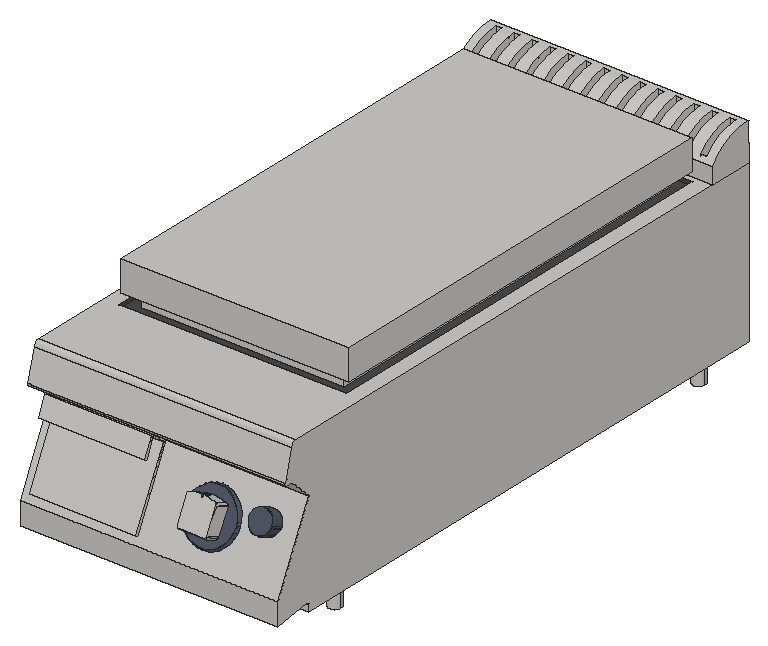
Revit family "QF_ZANUSSI_392022_Z9HOGD1000", category Specialty Equipment, Revit 2018
Family settings
  Round Connector Dimension = Use Diameter
  Part Type = Normal
  Work Plane-Based = No
  Always vertical = Yes
  Cut with Voids When Loaded = No
  Shared = No
  Room Calculation Point = No
Parameters
  Width = 400 mm  # constant formula
  Weight in Pounds = 53  # constant formula
  Weight = 0.00 kg
  Watts = 0 W
  Volts = 0 V
  URL Manufacturer = "http://www.zanussiprofessional.com"
  URL Cutsheet = "www.electrolux.com/foodservice"
  URL = "http://www.zanussiprofessional.com"
  Type Mark [instance] = ""
  Steam Supply Size = 0"
  Steam Supply Minimum Pressure = 0.00 psi
  Steam Supply Maximum Pressure = 0.00 psi
  Steam Pounds per Hour = 0
  Status [instance] = ""
  Specification by User [instance] = ""
  Specification by Manufacturer = ""
  Show Logo [instance] = yes
  Show Clearance [instance] = yes
  Serial Number = ""
  Seismic Rating = ""
  SMACNA No = ""
  Revision Code [instance] = ""
  Refrigeration Suction Line Size = 0"
  Refrigeration Liquid Line Size = 0"
  Refrigerant Compressor Remote = yes
  Phase = 0
  Omniclass Number and Title = ""
  NAFEM Spec ID Number = ""
  Model = "Z9HOGD1000"
  Mechanical Remarks = ""
  Mechanical Connection Type = ""
  Masterspec = ""
  Manufacturer = "Zanussi"
  Length Actual = 400 mm  # constant formula
  Item Number [instance] = "392022"
  Installed By [instance] = ""
  Identify Quantity as Lot [instance] = yes
  Hot Water Size = 0"
  Height Actual = 250 mm  # constant formula
  Height = 355 mm  # constant formula
  HP = "0 HP"
  Gas Size = 1/2"  # constant formula
  Gas RI Height [instance] = 0 mm
  Gas KW = 8  # constant formula
  Gas Input [instance] = 0.336018 Btu/h
  Gas Connection Height = 0 mm
  Furnished By [instance] = ""
  Foodservice Equipment Identifier [instance] = yes
  Direct Waste Size = 0"
  Description = "GAS HOB COOKING TOP 400 MM"
  Depth Actual = 900 mm  # constant formula
  Depth = 915 mm  # constant formula
  Cycle = 0 Hz
  Condensate Return Size = 0"
  Compressed Air Volume = 0 GPM
  Compressed Air Size = 0"
  Compressed Air Pressure = 0.00 psi
  Cold Water Size = 0"
  CSI MasterFormat = ""
  CSI Master Format = ""
  Base Height [instance] = 24 mm  # constant formula
  Assembly Code = ""
  Accessory = yes
Reference planes
  plane 1 "BACK": y = 0
  plane 2: z = 0
  plane 3 "LEFT": x = 0
  plane 4 "RIGHT": x = 400.05
  plane 5 "FRONT": y = -915
  plane 6 "TOP": z = 288.925
  plane 7 "Center Y": x = 200.025
  plane 8 "Center X": y = -457.5
  plane 9 "BASE": z = 24
  plane 10 "TOP A": z = 274
  plane 11: y = -790
  plane 12: y = -82
  plane 13: z = 332
  plane 14: y = -1045
  plane 15: y = -748
  plane 16: y = -663
  plane 17: through (-6096, -915, 64.508) normal (0, 0.8956, -0.4448)
  plane 18: through (-6096, -1250.251, 65.146) normal (0, 0.8956, -0.4448)
Forms (mm)
  Extrusion 1, solid, material "QF_Finishes_Stainless Steel"
    sketch origin (0, -199.765, -13.168) x (0, 1, 0) y (0, 0, 1)
      loop
        line (199.765, 37.168) -> (199.765, 287.168) -> (-679.593, 287.168)
        arc (-679.593, 287.168) -> (-684.878, 284.979) -> (-687.067, 279.694) r 7.474
        line (-687.067, 279.694) -> (-700.119, 234.179)
        arc (-700.119, 234.179) -> (-699.631, 231.547) -> (-697.235, 230.352) r 3
        line (-697.235, 230.352) -> (-687.036, 230.352) -> (-655.217, 198.532) -> (-715.235, 77.676) -> (-715.235, 42.676) -> (-658.88, 50.596)
        arc (-658.88, 50.596) -> (-656.335, 49.842) -> (-655.235, 47.427) r 3.2
        line (-655.235, 47.427) -> (-655.235, 37.168) -> (199.765, 37.168)
    from 0 to 400.05
  Extrusion 2, solid, material "QF_Finishes_Stainless Steel"
    sketch origin (0, -199.765, 0) x (1, 0, 0) y (0, 1, 0)
      loop
        circle (11.112, 117.765) r 9.525
      loop
        circle (11.112, -590.235) r 9.525
      loop
        circle (388.937, 117.765) r 9.525
      loop
        circle (388.937, -590.235) r 9.525
    from 0 to 24
  Extrusion 3, solid, material "QF_Clearances", visible <- "Show Clearance", detail levels coarse
    sketch origin (0, -199.765, 4) x (1, 0, 0) y (0, 1, 0)
      loop
        line (0, -715.235) -> (0, 199.765) -> (400.05, 199.765) -> (400.05, -715.235) -> (550.069, -715.235) -> (550.069, 399.784) -> (-150.019, 399.784) -> (-150.019, -715.235) -> (0, -715.235)
    from 0 to 332
  Extrusion 4, solid, material "QF_Finishes_Stainless Steel"
    sketch origin (0, 0, 0) x (0, 1, 0) y (0, 0, 1)
      loop
        line (0, 274) -> (0, 332)
        arc (0, 332) -> (-38.824, 323.684) -> (-69.85, 298.908) r 86.548
        line (-69.85, 298.908) -> (-69.85, 274) -> (0, 274)
    from 0 to 400.05
  Extrusion 5, void
    sketch origin (0, 0, 274.638) x (-1, 0, 0) y (0, -1, 0)
      loop
        line (-13.453, 6.761) -> (-13.453, 63.911) -> (-22.749, 63.911) -> (-22.749, 6.761) -> (-13.453, 6.761)
    from 25.4 to 63.5
  Extrusion 6, void
    sketch origin (400.05, 0, 274.638) x (1, 0, 0) y (0, 1, 0)
      loop
        line (-13.453, -6.761) -> (-22.749, -6.761) -> (-22.749, -63.911) -> (-13.453, -63.911) -> (-13.453, -6.761)
    from 25.4 to 63.5
  Extrusion 7, void
    sketch origin (27.988, 0, 274.638) x (-1, 0, 0) y (0, -1, 0)
      loop
        line (-13.453, 6.761) -> (-13.453, 63.911) -> (-22.749, 63.911) -> (-22.749, 6.761) -> (-13.453, 6.761)
    from 25.4 to 63.5
  Extrusion 8, void
    sketch origin (55.977, 0, 274.638) x (-1, 0, 0) y (0, -1, 0)
      loop
        line (-13.453, 6.761) -> (-13.453, 63.911) -> (-22.749, 63.911) -> (-22.749, 6.761) -> (-13.453, 6.761)
    from 25.4 to 63.5
  Extrusion 9, void
    sketch origin (83.965, 0, 274.638) x (-1, 0, 0) y (0, -1, 0)
      loop
        line (-13.453, 6.761) -> (-13.453, 63.911) -> (-22.749, 63.911) -> (-22.749, 6.761) -> (-13.453, 6.761)
    from 25.4 to 63.5
  Extrusion 10, void
    sketch origin (111.953, 0, 274.638) x (-1, 0, 0) y (0, -1, 0)
      loop
        line (-13.453, 6.761) -> (-13.453, 63.911) -> (-22.749, 63.911) -> (-22.749, 6.761) -> (-13.453, 6.761)
    from 25.4 to 63.5
  Extrusion 11, void
    sketch origin (139.942, 0, 274.638) x (-1, 0, 0) y (0, -1, 0)
      loop
        line (-13.453, 6.761) -> (-13.453, 63.911) -> (-22.749, 63.911) -> (-22.749, 6.761) -> (-13.453, 6.761)
    from 25.4 to 63.5
  Extrusion 12, void
    sketch origin (167.93, 0, 274.638) x (-1, 0, 0) y (0, -1, 0)
      loop
        line (-13.453, 6.761) -> (-13.453, 63.911) -> (-22.749, 63.911) -> (-22.749, 6.761) -> (-13.453, 6.761)
    from 25.4 to 63.5
  Extrusion 13, void
    sketch origin (195.918, 0, 274.638) x (-1, 0, 0) y (0, -1, 0)
      loop
        line (-13.453, 6.761) -> (-13.453, 63.911) -> (-22.749, 63.911) -> (-22.749, 6.761) -> (-13.453, 6.761)
    from 25.4 to 63.5
  Extrusion 14, void
    sketch origin (223.907, 0, 274.638) x (-1, 0, 0) y (0, -1, 0)
      loop
        line (-13.453, 6.761) -> (-13.453, 63.911) -> (-22.749, 63.911) -> (-22.749, 6.761) -> (-13.453, 6.761)
    from 25.4 to 63.5
  Extrusion 15, void
    sketch origin (251.895, 0, 274.638) x (-1, 0, 0) y (0, -1, 0)
      loop
        line (-13.453, 6.761) -> (-13.453, 63.911) -> (-22.749, 63.911) -> (-22.749, 6.761) -> (-13.453, 6.761)
    from 25.4 to 63.5
  Extrusion 16, void
    sketch origin (279.884, 0, 274.638) x (-1, 0, 0) y (0, -1, 0)
      loop
        line (-13.453, 6.761) -> (-13.453, 63.911) -> (-22.749, 63.911) -> (-22.749, 6.761) -> (-13.453, 6.761)
    from 25.4 to 63.5
  Extrusion 17, void
    sketch origin (307.872, 0, 274.638) x (-1, 0, 0) y (0, -1, 0)
      loop
        line (-13.453, 6.761) -> (-13.453, 63.911) -> (-22.749, 63.911) -> (-22.749, 6.761) -> (-13.453, 6.761)
    from 25.4 to 63.5
  Extrusion 18, void
    sketch origin (335.86, 0, 274.638) x (-1, 0, 0) y (0, -1, 0)
      loop
        line (-13.453, 6.761) -> (-13.453, 63.911) -> (-22.749, 63.911) -> (-22.749, 6.761) -> (-13.453, 6.761)
    from 25.4 to 63.5
  Extrusion 19, void
    sketch origin (0, 0, 274.825) x (-1, 0, 0) y (0, -1, 0)
      loop
        line (-23, 79.247) -> (-23, 752.366) -> (-377.019, 752.366) -> (-377.019, 79.247) -> (-23, 79.247)
    from 0 to -6.35
  Extrusion 20, solid, material "QF_Finishes_Stainless Steel"
    sketch origin (0, 0, 268.475) x (-1, 0, 0) y (0, -1, 0)
      loop
        line (-23, 82) -> (-23, 748) -> (-377.019, 748) -> (-377.019, 82) -> (-23, 82)
    from 20.45 to 67.525
  Extrusion 21, solid, material "QF_Finishes_Stainless Steel"
    sketch origin (0, 0, 24) x (-1, 0, 0) y (0, 1, 0)
      loop
        circle (-367.05, -748) r 12.7
    from 0 to 5
  Extrusion 22, solid, material "QF_Finishes_Stainless Steel"
    sketch origin (0, 0, 268.475) x (-1, 0, 0) y (0, -1, 0)
      loop
        line (-357.019, 732.366) -> (-357.019, 99.247) -> (-43, 99.247) -> (-43, 732.366) -> (-357.019, 732.366)
    from 0 to 20.45
  Extrusion 23, solid, material "QF_Finishes_Stainless Steel"
    sketch origin (0, 0, 24) x (-1, 0, 0) y (0, 1, 0)
      loop
        circle (-348.05, -663) r 6.4
    from 0 to 19
  Extrusion 24, solid, material "QF_Finishes_Stainless Steel"
    sketch origin (0, -214.311, -0.638) x (0, 1, 0) y (0, 0, 1)
      loop
        line (-640.85, 185.828) -> (-659.988, 204.966)
        arc (-659.988, 204.966) -> (-664.455, 206.368) -> (-668.159, 203.504) r 5.058
        line (-668.159, 203.504) -> (-680.821, 175.994) -> (-677.937, 174.666) -> (-665.275, 202.176)
        arc (-665.275, 202.176) -> (-663.896, 203.243) -> (-662.233, 202.721) r 1.883
        line (-662.233, 202.721) -> (-644.727, 185.215) -> (-698.248, 77.444) -> (-695.339, 76.105) -> (-640.85, 185.828)
    from 12.7 to 177.8
  Extrusion 25, solid, material "QF_Finishes_Drawer Clearance", visible <- "Show Clearance", detail levels coarse
    sketch origin (0, -315.911, -0.638) x (0, 1, 0) y (0, 0, 1)
      loop
        line (-726.181, 76.105) -> (-593.739, 76.105) -> (-539.25, 185.828) -> (-558.388, 204.966)
        arc (-558.388, 204.966) -> (-560.449, 206.215) -> (-562.855, 206.368) r 5.058
        line (-562.855, 206.368) -> (-695.296, 206.368)
        arc (-695.296, 206.368) -> (-697.5, 205.39) -> (-699, 203.504) r 5.058
        line (-699, 203.504) -> (-711.662, 175.994) -> (-708.778, 174.666) -> (-696.116, 202.176)
        arc (-696.116, 202.176) -> (-694.737, 203.243) -> (-693.074, 202.721) r 1.883
        line (-693.074, 202.721) -> (-675.569, 185.215) -> (-729.089, 77.444) -> (-726.181, 76.105)
    from 12.7 to 177.8
  Extrusion 26, solid, material "QF_Plastic-Black-Matte"
    sketch origin (217.55, -884.991, 124.936) x (0, 0.444781, 0.895639) y (0, 0.895639, -0.444781)
      loop
        line (26.984, -34) -> (23.984, -34) -> (23.984, -35) -> (26.984, -35)
        arc (26.984, -35) -> (27.691, -34.707) -> (27.984, -34) r 1
        line (27.984, -34) -> (27.984, -19) -> (26.984, -19) -> (26.984, -34)
    from -58.5 to -56.5
  Extrusion 27, solid, material "QF_Finishes_Stainless Steel"
    sketch origin (275.05, -884.991, 124.936) x (-1, 0, 0) y (0, -0.444781, -0.895639)
      loop
        line (17.55, -17.5) -> (17.55, 17.5) -> (-17.45, 17.5) -> (-17.45, -17.5) -> (17.55, -17.5)
    from 5 to 10
  Blend 28, solid, material "QF_Finishes_Navy Blue"
    base sketch origin (275.05, -884.991, 124.936) x (1, 0, 0) y (0, 0.444781, 0.895639)
      loop
        circle (-0.05, 0) r 42.5
    top sketch origin (275.05, -884.991, 124.936) x (1, 0, 0) y (0, 0.444781, 0.895639)
      loop
        circle (-0.05, 0) r 40.5
    from 0 to 5
  Extrusion 29, solid, material "QF_Finishes_Stainless Steel"
    sketch origin (275.05, -884.991, 124.936) x (-1, 0, 0) y (0, -0.444781, -0.895639)
      loop
        arc (-21.097, -22.789) -> (0.05, -26.984) -> (21.197, -22.789) r 55.4
        arc (21.197, -22.789) -> (22.544, -21.685) -> (23.05, -20.019) r 2.997
        line (23.05, -20.019) -> (23.05, 20.019)
        arc (23.05, 20.019) -> (22.172, 22.138) -> (20.053, 23.016) r 2.997
        line (20.053, 23.016) -> (-19.953, 23.016)
        arc (-19.953, 23.016) -> (-22.072, 22.138) -> (-22.95, 20.019) r 2.997
        line (-22.95, 20.019) -> (-22.95, -20.019)
        arc (-22.95, -20.019) -> (-22.444, -21.685) -> (-21.097, -22.789) r 2.997
    from 10 to 34
  Extrusion 30, solid, material "QF_Finishes_Navy Blue"
    sketch origin (414.051, -876.095, 142.849) x (1, 0, 0) y (0, 0.444781, 0.895639)
      loop
        circle (-55.051, 0) r 18
    from 3 to 23
  Extrusion 31, solid, material "QF_Finishes_Stainless Steel"
    sketch origin (275.05, -876.095, 142.849) x (1, 0, 0) y (0, 0.444781, 0.895639)
      loop
        circle (83.95, 0) r 15
    from 3 to 0
  Extrusion 32, solid, material "QF_Plastic-Black-Matte"
    sketch origin (217.55, -884.991, 125.574) x (0, 0.444781, 0.895639) y (0, 0.895639, -0.444781)
      loop
        line (26.984, -34) -> (23.984, -34) -> (23.984, -35) -> (26.984, -35)
        arc (26.984, -35) -> (27.691, -34.707) -> (27.984, -34) r 1
        line (27.984, -34) -> (27.984, -19) -> (26.984, -19) -> (26.984, -34)
    from -58.5 to -56.5
  Extrusion 33, solid, material "QF_Finishes_Stainless Steel"
    sketch origin (275.05, -884.991, 125.574) x (-1, 0, 0) y (0, -0.444781, -0.895639)
      loop
        line (17.55, -17.5) -> (17.55, 17.5) -> (-17.45, 17.5) -> (-17.45, -17.5) -> (17.55, -17.5)
    from 5 to 10
  Blend 34, solid, material "QF_Finishes_Navy Blue"
    base sketch origin (275.05, -884.991, 125.574) x (1, 0, 0) y (0, 0.444781, 0.895639)
      loop
        circle (-0.05, 0) r 42.5
    top sketch origin (275.05, -884.991, 125.574) x (1, 0, 0) y (0, 0.444781, 0.895639)
      loop
        circle (-0.05, 0) r 40.5
    from 0 to 5
  Extrusion 35, solid, material "QF_Finishes_Stainless Steel"
    sketch origin (275.05, -884.991, 125.574) x (-1, 0, 0) y (0, -0.444781, -0.895639)
      loop
        arc (-21.097, -22.789) -> (0.05, -26.984) -> (21.197, -22.789) r 55.4
        arc (21.197, -22.789) -> (22.544, -21.685) -> (23.05, -20.019) r 2.997
        line (23.05, -20.019) -> (23.05, 20.019)
        arc (23.05, 20.019) -> (22.172, 22.138) -> (20.053, 23.016) r 2.997
        line (20.053, 23.016) -> (-19.953, 23.016)
        arc (-19.953, 23.016) -> (-22.072, 22.138) -> (-22.95, 20.019) r 2.997
        line (-22.95, 20.019) -> (-22.95, -20.019)
        arc (-22.95, -20.019) -> (-22.444, -21.685) -> (-21.097, -22.789) r 2.997
    from 10 to 34
  Extrusion 36, solid, material "QF_Finishes_Navy Blue"
    sketch origin (414.051, -876.095, 143.486) x (1, 0, 0) y (0, 0.444781, 0.895639)
      loop
        circle (-55.051, 0) r 18
    from 3 to 23
  Extrusion 37, solid, material "QF_Finishes_Stainless Steel"
    sketch origin (275.05, -876.095, 143.486) x (1, 0, 0) y (0, 0.444781, 0.895639)
      loop
        circle (83.95, 0) r 15
    from 3 to 0
Cuts and joins
  Extrusion 5, Extrusion 6, Extrusion 7, Extrusion 8, Extrusion 9, Extrusion 10, Extrusion 11, Extrusion 12, Extrusion 13, Extrusion 14, Extrusion 15, Extrusion 16, Extrusion 17, Extrusion 18 cuts Extrusion 4
  Extrusion 19 cuts Extrusion 1
Lines and regions (mm)
  Split face 1
    outline origin (280.951, -889.469, 127.16) x (1, 0, 0) y (0, 0.444781, 0.895639)
      loop
        line (-8.901, 38.561) -> (-8.901, 28.561) -> (-2.901, 28.561) -> (-2.901, 38.561) -> (-8.901, 38.561)
  Split face 2
    outline origin (280.951, -889.469, 127.16) x (1, 0, 0) y (0, 0.444781, 0.895639)
      loop
        line (-8.401, 38.061) -> (-8.401, 29.061) -> (-3.401, 29.061) -> (-3.401, 38.061) -> (-8.401, 38.061)
  Split face 3
    outline origin (280.951, -889.469, 127.16) x (1, 0, 0) y (0, 0.444781, 0.895639)
      loop
        line (-8.401, 33.561) -> (-3.401, 33.561)
  Split face 4
    outline origin (280.951, -889.469, 127.16) x (1, 0, 0) y (0, 0.444781, 0.895639)
      loop
        line (-8.401, 33.061) -> (-3.401, 33.061)
  Split face 5
    outline origin (280.951, -889.469, 127.16) x (1, 0, 0) y (0, 0.444781, 0.895639)
      loop
        circle (-5.901, 35.811) r 2.031
  Split face 6
    outline origin (275.05, -889.469, 127.16) x (1, 0, 0) y (0, 0.444781, 0.895639)
      loop
        circle (-24.487, 26.694) r 3.497
  Split face 7
    outline origin (275.05, -889.469, 127.16) x (1, 0, 0) y (0, 0.444781, 0.895639)
      loop
        circle (-33, 0) r 3
  Split face 8
    outline origin (275.05, -889.469, 127.16) x (1, 0, 0) y (0, 0.444781, 0.895639)
      loop
        circle (-17.8, -29.371) r 1.5
  Split face 9
    outline origin (280.951, -889.469, 127.797) x (1, 0, 0) y (0, 0.444781, 0.895639)
      loop
        line (-8.901, 38.561) -> (-8.901, 28.561) -> (-2.901, 28.561) -> (-2.901, 38.561) -> (-8.901, 38.561)
  Split face 10
    outline origin (280.951, -889.469, 127.797) x (1, 0, 0) y (0, 0.444781, 0.895639)
      loop
        line (-8.401, 38.061) -> (-8.401, 29.061) -> (-3.401, 29.061) -> (-3.401, 38.061) -> (-8.401, 38.061)
  Split face 11
    outline origin (280.951, -889.469, 127.797) x (1, 0, 0) y (0, 0.444781, 0.895639)
      loop
        line (-8.401, 33.561) -> (-3.401, 33.561)
  Split face 12
    outline origin (280.951, -889.469, 127.797) x (1, 0, 0) y (0, 0.444781, 0.895639)
      loop
        line (-8.401, 33.061) -> (-3.401, 33.061)
  Split face 13
    outline origin (280.951, -889.469, 127.797) x (1, 0, 0) y (0, 0.444781, 0.895639)
      loop
        circle (-5.901, 35.811) r 2.031
  Split face 14
    outline origin (275.05, -889.469, 127.797) x (1, 0, 0) y (0, 0.444781, 0.895639)
      loop
        circle (-24.487, 26.694) r 3.497
  Split face 15
    outline origin (275.05, -889.469, 127.797) x (1, 0, 0) y (0, 0.444781, 0.895639)
      loop
        circle (-33, 0) r 3
  Split face 16
    outline origin (275.05, -889.469, 127.797) x (1, 0, 0) y (0, 0.444781, 0.895639)
      loop
        circle (-17.8, -29.371) r 1.5
  symbolic lines, style "QF_Clearances", visible <- "Show Clearance", detail levels coarse
    curve 1: line (-150.019, 200.019, 274) -> (-150.019, -930, 274)
    curve 2: line (550.069, 200.019, 274) -> (-150.019, 200.019, 274)
    curve 3: line (550.069, -930, 274) -> (550.069, 200.019, 274)
  symbolic lines
    curve 4: line (0, 0, 274) -> (400.05, 0, 274)
    curve 5: line (0, -915, 274) -> (0, 0, 274)
    curve 6: line (400.05, 0, 274) -> (400.05, -915, 274)
    curve 7: line (13.453, -6.761, 274) -> (22.749, -6.761, 274)
    curve 8: line (13.453, -63.911, 274) -> (13.453, -6.761, 274)
    curve 9: line (22.749, -63.911, 274) -> (13.453, -63.911, 274)
    curve 10: line (22.749, -6.761, 274) -> (22.749, -63.911, 274)
    curve 11: line (41.441, -6.761, 274) -> (50.737, -6.761, 274)
    curve 12: line (41.441, -63.911, 274) -> (41.441, -6.761, 274)
    curve 13: line (50.737, -63.911, 274) -> (41.441, -63.911, 274)
    curve 14: line (50.737, -6.761, 274) -> (50.737, -63.911, 274)
    curve 15: line (69.43, -6.761, 274) -> (78.725, -6.761, 274)
    curve 16: line (69.43, -63.911, 274) -> (69.43, -6.761, 274)
    curve 17: line (78.725, -63.911, 274) -> (69.43, -63.911, 274)
    curve 18: line (78.725, -6.761, 274) -> (78.725, -63.911, 274)
    curve 19: line (97.418, -6.761, 274) -> (106.714, -6.761, 274)
    curve 20: line (97.418, -63.911, 274) -> (97.418, -6.761, 274)
    curve 21: line (106.714, -63.911, 274) -> (97.418, -63.911, 274)
    curve 22: line (106.714, -6.761, 274) -> (106.714, -63.911, 274)
    curve 23: line (125.406, -6.761, 274) -> (134.702, -6.761, 274)
    curve 24: line (125.406, -63.911, 274) -> (125.406, -6.761, 274)
    curve 25: line (134.702, -63.911, 274) -> (125.406, -63.911, 274)
    curve 26: line (134.702, -6.761, 274) -> (134.702, -63.911, 274)
    curve 27: line (153.395, -6.761, 274) -> (162.69, -6.761, 274)
    curve 28: line (153.395, -63.911, 274) -> (153.395, -6.761, 274)
    curve 29: line (162.69, -63.911, 274) -> (153.395, -63.911, 274)
    curve 30: line (162.69, -6.761, 274) -> (162.69, -63.911, 274)
    curve 31: line (181.383, -6.761, 274) -> (190.679, -6.761, 274)
    curve 32: line (181.383, -63.911, 274) -> (181.383, -6.761, 274)
    curve 33: line (190.679, -63.911, 274) -> (181.383, -63.911, 274)
    curve 34: line (190.679, -6.761, 274) -> (190.679, -63.911, 274)
    curve 35: line (209.371, -6.761, 274) -> (218.667, -6.761, 274)
    curve 36: line (209.371, -63.911, 274) -> (209.371, -6.761, 274)
    curve 37: line (218.667, -63.911, 274) -> (209.371, -63.911, 274)
    curve 38: line (218.667, -6.761, 274) -> (218.667, -63.911, 274)
    curve 39: line (237.36, -6.761, 274) -> (246.655, -6.761, 274)
    curve 40: line (237.36, -63.911, 274) -> (237.36, -6.761, 274)
    curve 41: line (246.655, -63.911, 274) -> (237.36, -63.911, 274)
    curve 42: line (246.655, -6.761, 274) -> (246.655, -63.911, 274)
    curve 43: line (265.348, -6.761, 274) -> (274.644, -6.761, 274)
    curve 44: line (265.348, -63.911, 274) -> (265.348, -6.761, 274)
    curve 45: line (274.644, -63.911, 274) -> (265.348, -63.911, 274)
    curve 46: line (274.644, -6.761, 274) -> (274.644, -63.911, 274)
    curve 47: line (293.336, -6.761, 274) -> (302.632, -6.761, 274)
    curve 48: line (293.336, -63.911, 274) -> (293.336, -6.761, 274)
    curve 49: line (302.632, -63.911, 274) -> (293.336, -63.911, 274)
    curve 50: line (302.632, -6.761, 274) -> (302.632, -63.911, 274)
    curve 51: line (321.325, -6.761, 274) -> (330.62, -6.761, 274)
    curve 52: line (321.325, -63.911, 274) -> (321.325, -6.761, 274)
    curve 53: line (330.62, -63.911, 274) -> (321.325, -63.911, 274)
    curve 54: line (330.62, -6.761, 274) -> (330.62, -63.911, 274)
    curve 55: line (349.313, -6.761, 274) -> (358.609, -6.761, 274)
    curve 56: line (349.313, -63.911, 274) -> (349.313, -6.761, 274)
    curve 57: line (358.609, -63.911, 274) -> (349.313, -63.911, 274)
    curve 58: line (358.609, -6.761, 274) -> (358.609, -63.911, 274)
    curve 59: line (377.301, -6.761, 274) -> (386.597, -6.761, 274)
    curve 60: line (377.301, -63.911, 274) -> (377.301, -6.761, 274)
    curve 61: line (386.597, -63.911, 274) -> (377.301, -63.911, 274)
    curve 62: line (386.597, -6.761, 274) -> (386.597, -63.911, 274)
    curve 66: line (377.019, -79.247, 0) -> (23, -79.247, 0)
    curve 67: line (377.019, -82, 0) -> (23, -82, 0)
    curve 68: line (23, -752.366, 0) -> (377.019, -752.366, 0)
    curve 69: line (23, -748, 0) -> (377.019, -748, 0)
    curve 70: line (377.019, -752.366, 0) -> (377.019, -79.247, 0)
    curve 71: line (23, -79.247, 0) -> (23, -752.366, 0)
    curve 72: line (0, -69.85, 0) -> (400.05, -69.85, 0)
    curve 73: line (400.05, -900, 274) -> (0, -900, 274)
    curve 74: line (0, -915, 0) -> (252.025, -915, 0)
    curve 75: line (298.025, -915, 0) -> (400, -915, 0)
  symbolic lines, style "QF_Door-Drawer Clearances"
    curve 63: line (12.7, -1045, 0) -> (12.7, -915, 0)
    curve 64: line (12.7, -1045, 0) -> (177.8, -1045, 0)
    curve 65: line (177.8, -1045, 0) -> (177.8, -915, 0)
Dimensions and locks
  equal spacing: plane 3 "LEFT", plane 7 "Center Y", plane 4 "RIGHT"
  plane 3 "LEFT" to plane 4 "RIGHT" = 400.05 mm
  equal spacing: plane 5 "FRONT", plane 8 "Center X", plane 1 "BACK"
  plane 5 "FRONT" to plane 1 "BACK" = 915 mm  (x2)
  plane 1 "BACK" to plane 5 "FRONT" = 915 mm
  "Base Height": plane 9 "BASE" to level
  plane 10 "TOP A" to plane 9 "BASE" = 250 mm  (x3)
  plane 9 "BASE" to level = 24 mm
  plane 2 to plane 13 = 332 mm
  plane 9 "BASE" to plane 2 = 24 mm
  plane 5 "FRONT" to plane 11 to plane 12 to plane 1 "BACK" = 125 mm, 708 mm, 82 mm
  plane 14 to plane 1 "BACK" = 1045 mm  (x2)
  plane 15 to plane 1 "BACK" = 748 mm
  Extrusion 23 sketch curve to plane 1 "BACK" = 663 mm
  Extrusion 23 sketch curve to plane 4 "RIGHT" = 52 mm
  Extrusion 21 sketch curve to plane 4 "RIGHT" = 33 mm
  plane 16 to plane 1 "BACK" = 663 mm
  Extrusion 23 to plane 9 "BASE" = 19 mm
  plane 13 to plane 10 "TOP A" = 58 mm
  aligned and locked: level to plane 2
Automatic sketch dimensions
  plane 3 "LEFT" to curve 63 = 12.7 mm
  curve 65 to plane 7 "Center Y" = 22.225 mm
  plane 5 "FRONT" to curve 65 = 130 mm
  curve 63 to curve 63 = 130 mm
  plane 11 to Extrusion 2 sketch curve = 0 mm  (x2)
  plane 12 to Extrusion 2 sketch curve = 0 mm  (x2)
  plane 3 "LEFT" to Extrusion 2 sketch curve = 11.112 mm  (x2)
  Extrusion 2 sketch curve to plane 4 "RIGHT" = 11.113 mm  (x2)
  plane 1 "BACK" to Extrusion 3 sketch curve = 0 mm
  Extrusion 3 sketch curve to plane 3 "LEFT" = 0 mm
  Extrusion 3 sketch curve to plane 4 "RIGHT" = 0 mm
  Extrusion 3 sketch curve to plane 3 "LEFT" = 150.019 mm
  Extrusion 3 sketch curve to Extrusion 3 sketch curve = 150.019 mm
  plane 11 to Extrusion 3 sketch curve = 125 mm  (x2)
  Extrusion 3 sketch curve to plane 1 "BACK" = 200.019 mm
  Extrusion 4 sketch curve to plane 10 "TOP A" = 0 mm
  plane 1 "BACK" to Extrusion 4 sketch curve = 0 mm
  plane 1 "BACK" to Extrusion 4 sketch curve = 1.769 mm
  plane 6 "TOP" to Extrusion 4 sketch curve = 9.983 mm
  plane 1 "BACK" to Extrusion 4 sketch curve = 69.85 mm
  Extrusion 4 sketch curve to plane 10 "TOP A" = 28.53 mm
  plane 1 "BACK" to Extrusion 5 sketch curve = 6.761 mm
  plane 3 "LEFT" to Extrusion 5 sketch curve = 22.749 mm
  Extrusion 5 sketch curve to Extrusion 5 sketch curve = 9.296 mm
  Extrusion 5 sketch curve to Extrusion 5 sketch curve = 57.15 mm
  Extrusion 6 sketch curve to plane 1 "BACK" = 6.761 mm
  plane 4 "RIGHT" to Extrusion 6 sketch curve = 22.749 mm
  Extrusion 6 sketch curve to Extrusion 6 sketch curve = 9.296 mm
  Extrusion 6 sketch curve to Extrusion 6 sketch curve = 57.15 mm
  plane 1 "BACK" to Extrusion 7 sketch curve = 6.761 mm
  plane 3 "LEFT" to Extrusion 7 sketch curve = 50.737 mm
  Extrusion 7 sketch curve to Extrusion 7 sketch curve = 9.296 mm
  Extrusion 7 sketch curve to Extrusion 7 sketch curve = 57.15 mm
  plane 1 "BACK" to Extrusion 8 sketch curve = 6.761 mm
  plane 3 "LEFT" to Extrusion 8 sketch curve = 78.725 mm
  Extrusion 8 sketch curve to Extrusion 8 sketch curve = 9.296 mm
  Extrusion 8 sketch curve to Extrusion 8 sketch curve = 57.15 mm
  plane 1 "BACK" to Extrusion 9 sketch curve = 6.761 mm
  Extrusion 9 sketch curve to plane 7 "Center Y" = 93.311 mm
  Extrusion 9 sketch curve to Extrusion 9 sketch curve = 9.296 mm
  Extrusion 9 sketch curve to Extrusion 9 sketch curve = 57.15 mm
  plane 1 "BACK" to Extrusion 10 sketch curve = 6.761 mm
  Extrusion 10 sketch curve to plane 7 "Center Y" = 65.323 mm
  Extrusion 10 sketch curve to Extrusion 10 sketch curve = 9.296 mm
  Extrusion 10 sketch curve to Extrusion 10 sketch curve = 57.15 mm
  plane 1 "BACK" to Extrusion 11 sketch curve = 6.761 mm
  Extrusion 11 sketch curve to plane 7 "Center Y" = 37.335 mm
  Extrusion 11 sketch curve to Extrusion 11 sketch curve = 9.296 mm
  Extrusion 11 sketch curve to Extrusion 11 sketch curve = 57.15 mm
  Extrusion 12 sketch curve to plane 7 "Center Y" = 9.346 mm
  Extrusion 12 sketch curve to Extrusion 12 sketch curve = 9.296 mm
  plane 1 "BACK" to Extrusion 12 sketch curve = 6.761 mm
  Extrusion 12 sketch curve to Extrusion 12 sketch curve = 57.15 mm
  plane 1 "BACK" to Extrusion 13 sketch curve = 6.761 mm
  plane 7 "Center Y" to Extrusion 13 sketch curve = 18.642 mm
  Extrusion 13 sketch curve to Extrusion 13 sketch curve = 9.296 mm
  Extrusion 13 sketch curve to Extrusion 13 sketch curve = 57.15 mm
  plane 1 "BACK" to Extrusion 14 sketch curve = 6.761 mm
  plane 7 "Center Y" to Extrusion 14 sketch curve = 46.63 mm
  Extrusion 14 sketch curve to Extrusion 14 sketch curve = 9.296 mm
  Extrusion 14 sketch curve to Extrusion 14 sketch curve = 57.15 mm
  plane 1 "BACK" to Extrusion 15 sketch curve = 6.761 mm
  plane 7 "Center Y" to Extrusion 15 sketch curve = 74.619 mm
  Extrusion 15 sketch curve to Extrusion 15 sketch curve = 9.296 mm
  Extrusion 15 sketch curve to Extrusion 15 sketch curve = 57.15 mm
  plane 1 "BACK" to Extrusion 16 sketch curve = 6.761 mm
  Extrusion 16 sketch curve to plane 4 "RIGHT" = 97.418 mm
  Extrusion 16 sketch curve to Extrusion 16 sketch curve = 9.296 mm
  Extrusion 16 sketch curve to Extrusion 16 sketch curve = 57.15 mm
  plane 1 "BACK" to Extrusion 17 sketch curve = 6.761 mm
  Extrusion 17 sketch curve to plane 4 "RIGHT" = 69.43 mm
  Extrusion 17 sketch curve to Extrusion 17 sketch curve = 9.296 mm
  Extrusion 17 sketch curve to Extrusion 17 sketch curve = 57.15 mm
  plane 1 "BACK" to Extrusion 18 sketch curve = 6.761 mm
  Extrusion 18 sketch curve to plane 4 "RIGHT" = 41.441 mm
  Extrusion 18 sketch curve to Extrusion 18 sketch curve = 9.296 mm
  Extrusion 18 sketch curve to Extrusion 18 sketch curve = 57.15 mm
  Extrusion 19 sketch curve to plane 12 = 2.753 mm
  Extrusion 19 sketch curve to plane 4 "RIGHT" = 23.031 mm
  plane 3 "LEFT" to Extrusion 19 sketch curve = 23 mm
  Extrusion 19 sketch curve to plane 11 = 37.634 mm
  Extrusion 20 sketch curve to Extrusion 19 = 0 mm  (x2)
  Extrusion 20 sketch curve to Extrusion 19 = 2.753 mm
  Extrusion 20 sketch curve to Extrusion 19 = 4.366 mm
  Extrusion 22 sketch curve to Extrusion 19 = 20 mm  (x4)
  plane 12 to curve 67 = 0 mm
  plane 15 to curve 69 = 0 mm
  plane 15 to curve 68 = 4.366 mm
  plane 3 "LEFT" to curve 68 = 23 mm
  curve 66 to curve 67 = 0 mm
  curve 68 to plane 4 "RIGHT" = 23.031 mm
  curve 67 to curve 66 = 0 mm
  curve 67 to curve 66 = 2.753 mm
  plane 11 to Extrusion 1 sketch curve = 125 mm
  plane 11 to Extrusion 1 sketch curve = 109.884 mm
  plane 11 to Extrusion 1 sketch curve = 107 mm
  plane 11 to Extrusion 1 sketch curve = 96.833 mm
  Extrusion 1 sketch curve to plane 6 "TOP" = 71.741 mm
  plane 11 to Extrusion 1 sketch curve = 96.802 mm
  Extrusion 1 sketch curve to Extrusion 1 sketch curve = 7.474 mm
  plane 15 to Extrusion 1 sketch curve = 110.645 mm
  Extrusion 1 sketch curve to Extrusion 1 sketch curve = 0.445 mm
  plane 15 to Extrusion 1 sketch curve = 107 mm
  plane 15 to Extrusion 1 sketch curve = 106.982 mm
  plane 13 to Extrusion 1 sketch curve = 58 mm
  Extrusion 1 sketch curve to plane 1 "BACK" = 0 mm
  Extrusion 1 sketch curve to plane 10 "TOP A" = 88.636 mm
  plane 9 "BASE" to Extrusion 1 sketch curve = 40.508 mm
  Extrusion 1 sketch curve to Extrusion 1 sketch curve = 27.08 mm
  Extrusion 1 sketch curve to Extrusion 1 sketch curve = 35 mm
  Extrusion 1 sketch curve to Extrusion 1 sketch curve = 10.259 mm
  Extrusion 1 sketch curve to Extrusion 1 sketch curve = 3 mm
  plane 15 to Extrusion 21 sketch curve = 0 mm
  Split face 1 sketch curve to Split face 1 sketch curve = 6 mm
  Split face 1 sketch curve to Split face 1 sketch curve = 10 mm
  Split face 2 sketch curve to Split face 2 sketch curve = 5 mm
  Split face 2 sketch curve to Split face 2 sketch curve = 9 mm
  Split face 3 sketch curve to Split face 3 sketch curve = 5 mm
  Split face 4 sketch curve to Split face 4 sketch curve = 5 mm
  Extrusion 24 sketch curve to Extrusion 24 sketch curve = 0 mm  (x2)
  Extrusion 24 sketch curve to plane 5 "FRONT" = 2.441 mm
  Extrusion 24 sketch curve to Extrusion 24 sketch curve = 2.908 mm
  Extrusion 24 sketch curve to plane 5 "FRONT" = 19.868 mm
  Extrusion 24 sketch curve to Extrusion 24 sketch curve = 2.884 mm  (x2)
  Extrusion 24 sketch curve to Extrusion 24 sketch curve = 12.662 mm
  Extrusion 24 sketch curve to Extrusion 24 sketch curve = 1.711 mm
  Extrusion 24 sketch curve to Extrusion 24 sketch curve = 1.332 mm
  Extrusion 24 sketch curve to Extrusion 24 sketch curve = 2.245 mm
  Extrusion 24 sketch curve to Extrusion 24 sketch curve = 17.505 mm
  Extrusion 24 sketch curve to Extrusion 24 sketch curve = 3.877 mm
  plane 9 "BASE" to Extrusion 24 sketch curve = 51.468 mm
  Extrusion 24 sketch curve to Extrusion 24 sketch curve = 1.339 mm
  Extrusion 24 sketch curve to Extrusion 24 sketch curve = 97.223 mm
  Extrusion 24 sketch curve to Extrusion 24 sketch curve = 1.327 mm
  Extrusion 24 sketch curve to Extrusion 24 sketch curve = 16.961 mm
  Extrusion 24 sketch curve to Extrusion 24 sketch curve = 0.613 mm
  Extrusion 24 sketch curve to Extrusion 24 sketch curve = 0.787 mm
  Extrusion 25 sketch curve to Extrusion 25 sketch curve = 0 mm  (x2)
  plane 14 to Extrusion 25 sketch curve = 0 mm
  Extrusion 25 sketch curve to Extrusion 25 sketch curve = 2.908 mm
  plane 5 "FRONT" to Extrusion 25 sketch curve = 112.573 mm
  Extrusion 25 sketch curve to Extrusion 25 sketch curve = 2.884 mm  (x2)
  Extrusion 25 sketch curve to Extrusion 25 sketch curve = 12.662 mm
  Extrusion 25 sketch curve to Extrusion 25 sketch curve = 0.82 mm
  Extrusion 25 sketch curve to Extrusion 25 sketch curve = 1.711 mm
  Extrusion 25 sketch curve to Extrusion 25 sketch curve = 1.332 mm
  plane 5 "FRONT" to Extrusion 25 sketch curve = 76.48 mm
  Extrusion 25 sketch curve to plane 5 "FRONT" = 5.349 mm
  Extrusion 25 sketch curve to plane 5 "FRONT" = 36.234 mm
  Extrusion 25 sketch curve to Extrusion 25 sketch curve = 0.891 mm
  Extrusion 25 sketch curve to Extrusion 25 sketch curve = 4.467 mm
  Extrusion 25 sketch curve to Extrusion 25 sketch curve = 19.137 mm
  plane 9 "BASE" to Extrusion 25 sketch curve = 51.468 mm
  Extrusion 25 sketch curve to Extrusion 25 sketch curve = 1.339 mm
  Extrusion 25 sketch curve to Extrusion 25 sketch curve = 97.223 mm
  Extrusion 25 sketch curve to Extrusion 25 sketch curve = 1.327 mm
  Extrusion 25 sketch curve to Extrusion 25 sketch curve = 16.961 mm
  Extrusion 25 sketch curve to Extrusion 25 sketch curve = 0.613 mm
  Extrusion 25 sketch curve to Extrusion 25 sketch curve = 0.787 mm
  Extrusion 25 sketch curve to Extrusion 25 sketch curve = 4.979 mm
  Extrusion 26 sketch curve to plane 17 = 35 mm
  Extrusion 26 sketch curve to plane 5 "FRONT" = 9.329 mm
  Extrusion 26 sketch curve to Extrusion 26 sketch curve = 3 mm
  Extrusion 26 sketch curve to Extrusion 26 sketch curve = 0 mm
  Extrusion 26 sketch curve to Extrusion 26 sketch curve = 1 mm  (x2)
  Extrusion 26 sketch curve to Extrusion 26 sketch curve = 15 mm
  plane 7 "Center Y" to Extrusion 27 sketch curve = 92.475 mm
  Extrusion 27 sketch curve to Extrusion 27 sketch curve = 35 mm  (x2)
  plane 7 "Center Y" to Blend 28 sketch curve = 74.975 mm  (x2)
  plane 7 "Center Y" to Extrusion 29 sketch curve = 97.975 mm
  Extrusion 29 sketch curve to Extrusion 29 sketch curve = 2.997 mm  (x3)
  Extrusion 29 sketch curve to Extrusion 29 sketch curve = 20.003 mm  (x2)
  Extrusion 29 sketch curve to Extrusion 29 sketch curve = 40.005 mm
  Extrusion 29 sketch curve to Extrusion 29 sketch curve = 0 mm  (x2)
  Extrusion 29 sketch curve to Extrusion 29 sketch curve = 40.037 mm
  Extrusion 29 sketch curve to Extrusion 29 sketch curve = 5.399 mm
  Extrusion 30 sketch curve to plane 4 "RIGHT" = 41.05 mm
  Extrusion 31 sketch curve to plane 4 "RIGHT" = 41.05 mm
  Split face 9 sketch curve to Split face 9 sketch curve = 6 mm
  Split face 9 sketch curve to Split face 9 sketch curve = 10 mm
  Split face 10 sketch curve to Split face 10 sketch curve = 5 mm
  Split face 10 sketch curve to Split face 10 sketch curve = 9 mm
  Split face 11 sketch curve to Split face 11 sketch curve = 5 mm
  Split face 12 sketch curve to Split face 12 sketch curve = 5 mm
  plane 18 to Extrusion 32 sketch curve = 265.264 mm
  Extrusion 32 sketch curve to plane 10 "TOP A" = 111.378 mm
  Extrusion 32 sketch curve to Extrusion 32 sketch curve = 3 mm
  Extrusion 32 sketch curve to Extrusion 32 sketch curve = 0 mm
  Extrusion 32 sketch curve to Extrusion 32 sketch curve = 1 mm  (x2)
  Extrusion 32 sketch curve to Extrusion 32 sketch curve = 15 mm
  plane 7 "Center Y" to Extrusion 33 sketch curve = 92.475 mm
  Extrusion 33 sketch curve to Extrusion 33 sketch curve = 35 mm  (x2)
  plane 7 "Center Y" to Blend 34 sketch curve = 74.975 mm  (x2)
  plane 7 "Center Y" to Extrusion 35 sketch curve = 97.975 mm
  Extrusion 35 sketch curve to Extrusion 35 sketch curve = 2.997 mm  (x3)
  Extrusion 35 sketch curve to Extrusion 35 sketch curve = 20.003 mm  (x2)
  Extrusion 35 sketch curve to Extrusion 35 sketch curve = 40.005 mm
  Extrusion 35 sketch curve to Extrusion 35 sketch curve = 0 mm  (x2)
  Extrusion 35 sketch curve to Extrusion 35 sketch curve = 40.037 mm
  Extrusion 35 sketch curve to Extrusion 35 sketch curve = 5.399 mm
  Extrusion 36 sketch curve to plane 4 "RIGHT" = 41.05 mm
  Extrusion 37 sketch curve to plane 4 "RIGHT" = 41.05 mm
  curve 73 to plane 4 "RIGHT" = 0 mm
  plane 1 "BACK" to curve 5 = 0 mm
  curve 73 to plane 3 "LEFT" = 0 mm
  curve 73 to plane 5 "FRONT" = 15 mm
  plane 4 "RIGHT" to curve 3 = 150.019 mm
  curve 62 to plane 4 "RIGHT" = 13.453 mm
  curve 61 to curve 60 = 9.296 mm
  curve 60 to curve 58 = 18.693 mm
  curve 57 to curve 56 = 9.296 mm
  curve 56 to curve 54 = 18.693 mm
  curve 53 to curve 52 = 9.296 mm
  curve 52 to curve 50 = 18.693 mm
  curve 49 to curve 48 = 9.296 mm
  curve 48 to curve 46 = 18.693 mm
  curve 45 to curve 44 = 9.296 mm
  plane 1 "BACK" to curve 42 = 6.761 mm
  curve 43 to curve 42 = 18.693 mm
  curve 41 to curve 40 = 9.296 mm
  plane 1 "BACK" to curve 38 = 6.761 mm
  plane 7 "Center Y" to curve 38 = 18.642 mm
  curve 37 to curve 36 = 9.296 mm
  curve 34 to plane 7 "Center Y" = 9.346 mm
  curve 33 to curve 33 = 9.296 mm
  plane 1 "BACK" to curve 30 = 6.761 mm
  curve 31 to curve 30 = 18.693 mm
  curve 29 to curve 28 = 9.296 mm
  plane 1 "BACK" to curve 26 = 6.761 mm
  curve 27 to curve 26 = 18.693 mm
  curve 25 to curve 24 = 9.296 mm
  plane 1 "BACK" to curve 22 = 6.761 mm
  curve 23 to curve 22 = 18.693 mm
  curve 21 to curve 20 = 9.296 mm
  plane 1 "BACK" to curve 18 = 6.761 mm
  curve 19 to curve 18 = 18.693 mm
  curve 17 to curve 16 = 9.296 mm
  plane 1 "BACK" to curve 14 = 6.761 mm
  curve 15 to curve 14 = 18.693 mm
  curve 13 to curve 12 = 9.296 mm
  plane 1 "BACK" to curve 10 = 6.761 mm
  curve 11 to curve 10 = 18.693 mm
  curve 9 to curve 8 = 9.296 mm
  curve 1 to plane 3 "LEFT" = 150.019 mm
  curve 2 to plane 1 "BACK" = 200.019 mm
  plane 1 "BACK" to curve 58 = 6.761 mm
  plane 1 "BACK" to curve 59 = 6.761 mm
  plane 1 "BACK" to curve 54 = 6.761 mm
  plane 1 "BACK" to curve 50 = 6.761 mm
  plane 1 "BACK" to curve 46 = 6.761 mm
  plane 1 "BACK" to curve 34 = 6.761 mm
  curve 32 to plane 12 = 18.089 mm
  curve 29 to plane 12 = 18.089 mm
  curve 26 to plane 12 = 18.089 mm
  curve 36 to plane 12 = 18.089 mm
  curve 22 to plane 12 = 18.089 mm
  curve 40 to plane 12 = 18.089 mm
  curve 18 to plane 12 = 18.089 mm
  curve 44 to plane 12 = 18.089 mm
  curve 14 to plane 12 = 18.089 mm
  curve 48 to plane 12 = 18.089 mm
  curve 10 to plane 12 = 18.089 mm
  curve 52 to plane 12 = 18.089 mm
  curve 60 to plane 12 = 18.089 mm
  curve 56 to plane 12 = 18.089 mm
  plane 5 "FRONT" to curve 1 = 15 mm
  plane 5 "FRONT" to curve 3 = 15 mm
  plane 5 "FRONT" to curve 6 = 0 mm
  plane 5 "FRONT" to curve 5 = 0 mm
  curve 74 to plane 3 "LEFT" = 0 mm
  curve 72 to plane 3 "LEFT" = 0 mm
  curve 72 to plane 4 "RIGHT" = 0 mm
  plane 7 "Center Y" to curve 74 = 52 mm
  curve 74 to curve 75 = 46 mm
  curve 75 to plane 4 "RIGHT" = 0.05 mm
  curve 74 to curve 75 = 0 mm
  curve 72 to plane 12 = 12.15 mm
  radius of Extrusion 2 sketch curve = 9.525 mm  (x4)
  radius of Extrusion 21 sketch curve = 12.7 mm
  radius of Extrusion 23 sketch curve = 6.4 mm
  radius of Split face 5 sketch curve = 2.031 mm
  radius of Split face 6 sketch curve = 3.497 mm
  radius of Split face 7 sketch curve = 3 mm
  radius of Split face 8 sketch curve = 1.5 mm
  radius of Blend 28 sketch curve = 42.5 mm
  radius of Blend 28 sketch curve = 40.5 mm
  radius of Extrusion 30 sketch curve = 18 mm
  radius of Extrusion 31 sketch curve = 15 mm
  radius of Split face 13 sketch curve = 2.031 mm
  radius of Split face 14 sketch curve = 3.497 mm
  radius of Split face 15 sketch curve = 3 mm
  radius of Split face 16 sketch curve = 1.5 mm
  radius of Blend 34 sketch curve = 42.5 mm
  radius of Blend 34 sketch curve = 40.5 mm
  radius of Extrusion 36 sketch curve = 18 mm
  radius of Extrusion 37 sketch curve = 15 mm
Connectors
  piping at (348.05, -663, 5), diameter 12.8
    settings: on Extrusion 23, index 1, connector inside diameter 0.50394", connector length 0 mm, flow factor 0, pipe flow 0 GPM, pressure drop 0.00 psi, fitting loss kfactor 0, connector angle 0.00°, fixture units 0, engagement length 0 mm, angle of deflection 0.00°, flow configuration 1, flow direction 1, fitting loss method 0, system type 7, joint type 0, gender type 0, connector reference index -1, connector utility 0, adjustable connector no, is connector primary yes, connector description "GAS CONNECTION"
